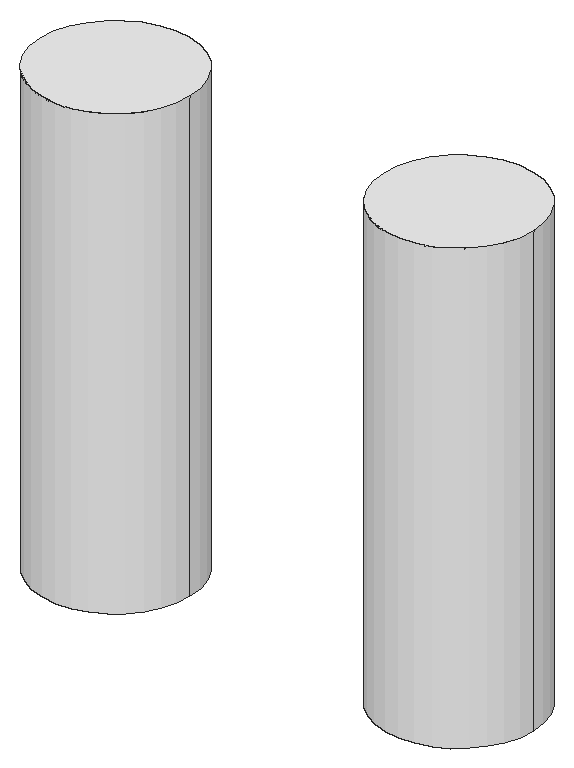
Revit family "56362203", category Plumbing Fixtures, Revit 2020
Family settings
  Round Connector Dimension = Use Diameter
  Part Type = Normal
  OmniClass Number = 23.45.55.00
  OmniClass Title = Sanitary Faucets, Wastes
  Work Plane-Based = No
  Always vertical = Yes
  Cut with Voids When Loaded = No
  Shared = No
  Room Calculation Point = No
Parameters (values of type "56362203 Washbasin faucet")
  Working Pressure = "50 - 1000 kPa"
  WarrantyStartDate [instance] = "n/a"
  WarrantyGuarantorParts = "n/a"
  WarrantyGuarantorLabor = "n/a"
  WarrantyDurationUnit = "Year"
  WarrantyDurationParts = "n/a"
  WarrantyDurationLabor = "n/a"
  WarrantyDescription = "http://warranty.hansa.com"
  Warranty Information URL = "http://warranty.hansa.com"
  VersionDate = "01/06/2023"
  Version = "1"
  ValvePattern = "n/a"
  ValveOperation = "n/a"
  ValveMechanism = "n/a"
  Uniclass2015Reference = "Pr_40_20_87_96"
  Uniclass2015Description = "Washbasin manual water supply sets"
  Uniclass2 = "Pr_40_30_96_96"
  URL REACH = "http://static.hansa.com/doc/reach"
  URL Materials Declaration = "http://www.hansa.com/fileadmin/resources/185612_56362203_materialsdeclaration.pdf"
  URL EcoLabel Declaration = "http://static.hansa.com/doc/EcoLabel"
  URL EU Packaging Declaration = "http://static.hansa.com/doc/packaging"
  URL Declaration of SCIP = "http://static.hansa.com/doc/SCIP"
  URL Declaration of Conformity = "http://static.hansa.com/DoC/56362203"
  URL Declaration of Asbestos = "http://static.hansa.com/doc/asbestos"
  URL Declaration Of Performance (DOP) = "http://static.hansa.com/doc/DoP"
  URL DVGW = "http://static.hansa.com/DVGW/56362203"
  URL ABP = "http://static.hansa.com/ABP/56362203"
  URL = ""
  UNSPSC Class Number = "30181700 Faucets or taps"
  TestPressure = "n/a"
  Temperature Adjustments = "Limitation option for maximum temperature and flow-rate ;Adjustable hot water stop (included, retrofittable)"
  Temperature = "Temperature limiter;Temperature limiter (retrofittable)"
  Technical DataSheet URL = "http://www.hansa.com/datasheet/56362203/en"
  TagNumber [instance] = "n/a"
  SustainabilityPerformance = "n/a"
  Surface treatment = "Chrome"
  Spout Type = "Fixed spout"
  Spout Projection = "103 mm"
  Spare-Part Information URL = "http://static.hansa.com/sp/56362203"
  Size = "50x135x135 mm"
  Shape = "Sculptured"
  SerialNumber [instance] = "n/a"
  Sales Package dimensions (LxWxH) = "540 x 146 x 59"
  Revision = "n/a"
  ReplacementCost = "n/a"
  ProductInformation = "n/a"
  Product URL = "http://static.hansa.com/56362203"
  Product Image URL = "http://static.hansa.com/image/56362203"
  Product Family = "HANSAPALENO "
  Product Code = "56362203"
  OperatingMechanismMaterial = "n/a"
  NominalWidth = 48.9 mm
  NominalHeight = 136 mm
  NominalDepth = 137.1 mm
  Noise Class = "I (ISO3822)"
  Name_en = "56362203 Washbasin faucet"
  Name = "56362203 Washbasin faucet"
  NBSReference = "45-35-70/371"
  NBSDescription = "Water supply fittings for wash basins and troughs"
  Mounting Holes = "1 hole"
  ModelReference = "56362203"
  ModelNumber = "n/a"
  Model = "56362203 Washbasin faucet"
  Mobile Product Information URL = "http://mpi.hansa.com/56362203"
  Mechanical Parts = "ø 35 mm ceramic cartridge for flow and temperature control"
  Max. Hot Water Supply = 70 °C
  Material = "Brass"
  Market = "International;Germany;Austria;Switzerland;France;Italy;Spain"
  ManufacturerURL = "http://www.hansa.com"
  ManufacturerName = "HANSA"
  Manufacturer = "HANSA"
  Lever Handle = "Hot/Cold symbols;Single operating lever/handle"
  Interactive AR View URL = "https://static.hansa.com/AR/56362203"
  InstallationDate [instance] = "n/a"
  Installation and Maintenance Guide URL = "http://static.hansa.com/manual/56362203"
  Installation Type = "Deck mounted"
  InletConnectionSize = 10 mm
  IfcExportType = "FAUCET"  # constant formula
  IfcExportAs = "IfcValveType"  # constant formula
  Group = "Washbasin faucet"
  Grade = "n/a"
  FlowCoefficient = 0
  Flow Rate At 300kPa With Flow Controller = 0.01 L/s
  Flow Drawing URL = "http://static.hansa.com/flowchart/56362203"
  Finish = "Polished"
  Features = "Single-lever"
  FaucetMainMaterial = Brass
  FDV Document URL = "http://www.hansa.com/datasheet/56362203/en/fdv"
  ExpectedLife = "n/a"
  Excluded Items = "Without pop-up waste"
  ETIM Class Number = "EC011328 Washbasin mixing tap"
  EN Standard = "EN 817"
  EAN Number = "4057304012006"
  DurationUnit = "Year"
  Dimension Drawing URL = "http://static.hansa.com/dimdrw/56362203"
  Description = ""
  DefaultElevation [instance] = 900 mm
  Default Elevation = 0 mm
  Constituents = "n/a"
  Connection Size = "G3/8"
  Connection = "Flexible inlet pipes"
  Color = "Chrome"
  CodePerformance = "n/a"
  CloseOffRating = 0
  Category = "Washbasin"
  Catalog Drawing URL = "http://static.hansa.com/catdrw/56362203"
  Brand = "HANSA"
  BodyMaterial = "Brass"
  Barcode [instance] = "n/a"
  Backflow Prevention EN1717 = "AA"
  BIMObjectName = "56362203"
  Author = "BIMStone"
  AssetType = "Fixed"
  AssetIdentifier [instance] = "n/a"
  Approval DVGW = "DW-6506CS0548"
  Approval ABP = "P-IX 29502/IA"
  Aerator = "PCA® - constant flow rate regardless of pressure variations"
  Advanced Features = "Inner body made of DZR brass;3S-installation system for safe and simple mounting"
  AccessibilityPerformance = "n/a"
  3D View = "https://static.hansa.com/AR/56362203"
  2D/3D/BIM Files URL = "http://static.hansa.com/bim/56362203"
Reference planes
  plane 1 "Center (Front/Back)": y = 0
  plane 2: z = 0
  plane 3 "Center (Left/Right)": x = 0
  plane 4: x = -24.45
  plane 5: z = 900
  plane 6: z = 870
  plane 7: y = -137.1
  plane 8: x = 24.45
  plane 9: z = 1036
Forms (mm)
  Extrusion 1, solid, material "Brass" <- "FaucetMainMaterial"
    sketch origin (-44.989, 12.403, 0) x (1, 0, 0) y (0, 1, 0)
      loop
        circle (33.489, -36) r 5
      loop
        circle (56.489, -36) r 5
    from 870 to 900
Dimensions and locks
  "DefaultElevation": plane 5 to level
  locked: plane 5 to plane 6 at 30
  "NominalDepth": plane 7 to plane 1 "Center (Front/Back)"
  "NominalHeight": plane 9 to plane 5
  equal spacing: plane 4, plane 3 "Center (Left/Right)", plane 8
  "NominalWidth": plane 4 to plane 8
  "InletConnectionSize": diameter of Extrusion 1 sketch curve  (x2)
  aligned and locked: level to plane 2
  aligned and locked: plane 5 to Extrusion 1
  aligned and locked: Extrusion 1 to plane 6
  aligned and locked: nested 2 to plane 5
Automatic sketch dimensions
  Extrusion 1 sketch curve to plane 3 "Center (Left/Right)" = 11.5 mm
  plane 3 "Center (Left/Right)" to Extrusion 1 sketch curve = 11.5 mm
  plane 1 "Center (Front/Back)" to Extrusion 1 sketch curve = 23.597 mm  (x2)
Nested families
  nested 1: "Symbol" at (0, 0, 0), type "Symbol", detail levels coarse
  nested 2: "56362203_p" at (0, 0, 900), Main <- "FaucetMainMaterial", type "56362203_p"
    with Main Brass
Connectors
  piping at (-11.5, -23.597, 870), diameter 10, driven by "InletConnectionSize"
    settings: on Extrusion 1, index 1, connector inside diameter 609.6 mm, connector length 0 mm, flow factor 0, pipe flow 0.1 L/s, pressure drop 0.0 Pa, fitting loss kfactor 0, connector angle 0.00°, fixture units 0, engagement length 0 mm, angle of deflection 0.00°, flow configuration 1, flow direction 1, fitting loss method 0, system type 19, joint type 0, gender type 0, connector reference index -1, connector utility 0, adjustable connector no, is connector primary yes, connector description ""
  piping at (11.5, -23.597, 870), diameter 10, driven by "InletConnectionSize"
    settings: on Extrusion 1, index 2, connector inside diameter 609.6 mm, connector length 0 mm, flow factor 0, pipe flow 0.1 L/s, pressure drop 0.0 Pa, fitting loss kfactor 0, connector angle 0.00°, fixture units 0, engagement length 0 mm, angle of deflection 0.00°, flow configuration 1, flow direction 1, fitting loss method 0, system type 20, joint type 0, gender type 0, connector reference index -1, connector utility 0, adjustable connector no, is connector primary no, connector description ""
Definition of nested family "Symbol"
  Reference planes
    plane 1: y = 0
    plane 2: x = 0
  Lines and regions (mm)
    detail lines
      curve 1: line (0, 0, 0) -> (0, -1.8, 0)
      curve 2: line (-0.4, -1.1, 0) -> (0.4, -1.1, 0)
      curve 3: line (-0.4, -1.4, 0) -> (0.4, -1.4, 0)
      curve 4: line (0.863, 0, 0) -> (-0.863, 0, 0)
      curve 5: circle (-1.163, 0, 0) r 0.3 normal (0, 0, -1)
      curve 6: circle (1.163, 0, 0) r 0.3 normal (0, 0, 1)
Definition of nested family "56362203_p"
  Parameters (values of type "56362203_p")
    Main [instance] = none
    Default Elevation = 0 mm
  Reference planes
    plane 1 "Center (Front/Back)": y = 0
    plane 2: z = 0
    plane 3 "Center (Left/Right)": x = 0
    plane 4: x = -24.617
    plane 5: x = 24.617
    plane 6: y = -137.145
    plane 7: z = 135.82
  Forms (mm)
    Revolve 1, solid, material <- "Main", detail levels medium
      sketch origin (0, 0, 0) x (0, 1, 0) y (0, 0, 1)
        loop
          line (2.047, -23.402) -> (-13.649, 156.008) -> (-37.067, 153.96) -> (-21.371, -25.451) -> (2.047, -23.402)
        axis (-37.067, 153.96) -> (-21.371, -25.451)
      angle from 0 to 360
    Extrusion 2, void
      sketch origin (0, 0, 0) x (0, 1, 0) y (0, 0, 1)
        loop
          line (-84.903, 135.82) -> (-11.321, 135.82) -> (-11.321, 165.82) -> (-84.903, 165.82) -> (-84.903, 135.82)
        loop
          line (-67.585, 0) -> (-67.585, -35) -> (4.507, -35) -> (4.507, 0) -> (-67.585, 0)
      from -49.356 to 92.918
    Extrusion 3, solid, material <- "Main", detail levels medium
      sketch origin (0, 0, 0) x (1, 0, 0) y (0, 1, 0)
        loop
          line (-7.521, -76.581) -> (-6.93, -121.044)
          arc (-6.93, -121.044) -> (-6.646, -121.856) -> (-5.931, -122.333) r 1.354
          arc (-5.931, -122.333) -> (-2.992, -122.919) -> (0, -123.101) r 22.031
          arc (0, -123.101) -> (2.992, -122.919) -> (5.931, -122.333) r 22.031
          arc (5.931, -122.333) -> (6.646, -121.856) -> (6.93, -121.044) r 1.354
          line (6.93, -121.044) -> (7.521, -76.581)
          arc (7.521, -76.581) -> (8.321, -70.237) -> (10.649, -64.282) r 25.931
          arc (10.649, -64.282) -> (13.331, -59.854) -> (16.426, -55.705) r 53.655
          arc (16.426, -55.705) -> (18.861, -52.519) -> (21.056, -49.162) r 54.532
          arc (21.056, -49.162) -> (23.173, -41.379) -> (23.403, -33.317) r 34.087
          line (23.403, -33.317) -> (-23.403, -33.317)
          arc (-23.403, -33.317) -> (-23.173, -41.379) -> (-21.056, -49.162) r 34.087
          arc (-21.056, -49.162) -> (-18.861, -52.519) -> (-16.426, -55.705) r 54.532
          arc (-16.426, -55.705) -> (-13.331, -59.854) -> (-10.649, -64.282) r 53.655
          arc (-10.649, -64.282) -> (-8.321, -70.237) -> (-7.521, -76.581) r 25.931
      from 123.077 to 135.82
    Extrusion 4, solid, material <- "Main", detail levels medium
      sketch origin (0, 0, 0) x (0, 1, 0) y (0, 0, 1)
        loop
          line (-89.259, 93.823) -> (-136.029, 89.512)
          arc (-136.029, 89.512) -> (-137.056, 88.681) -> (-136.685, 87.413) r 1.191
          line (-136.685, 87.413) -> (-131.681, 83.214) -> (-135.734, 77.426) -> (-116.093, 63.673) -> (-113.243, 67.743) -> (-111.732, 66.475) -> (-36.551, 68.212) -> (-39.16, 98.033)
          arc (-39.16, 98.033) -> (-64.218, 96.03) -> (-89.259, 93.823) r 3101.602
      from -20 to 20
    Extrusion 5, solid, material <- "Main", detail levels coarse
      sketch origin (0, 0, 0) x (0, 1, 0) y (0, 0, 1)
        loop
          line (0, 0) -> (0, 135.82) -> (-137.145, 135.82) -> (-137.145, 0) -> (0, 0)
      from -24.617 to 24.617
  Cuts and joins
    joined: Extrusion 3, Extrusion 4
    Extrusion 2 cuts Revolve 1
  Lines and regions (mm)
    symbolic lines, detail levels medium+fine
      curve 1: arc (-10.483, -136.441, 0) -> (0.493, -137.143, 0) -> (11.459, -136.294, 0) r 77.963
      curve 2: line (-16.526, -130.006, 0) -> (-22.573, -45.875, 0)
      curve 3: arc (-10.483, -136.441, 0) -> (-14.647, -134.297, 0) -> (-16.526, -130.006, 0) r 7
      curve 4: arc (-24.617, -33.317, 0) -> (-24.331, -29.576, 0) -> (-23.48, -25.922, 0) r 24.617
      curve 5: arc (-23.48, -25.922, 0) -> (-22.352, -16.636, 0) -> (-17.956, -8.379, 0) r 25.54
      curve 6: arc (-17.956, -8.379, 0) -> (-12.813, -3.703, 0) -> (-6.464, -0.874, 0) r 21.896
      curve 7: arc (-6.464, -0.874, 0) -> (-3.26, -0.234, 0) -> (0, 0, 0) r 26.072
      curve 8: arc (-22.573, -45.875, 0) -> (-24.103, -39.678, 0) -> (-24.617, -33.317, 0) r 39.601
      curve 17: line (16.526, -130.006, 0) -> (22.573, -45.875, 0)
      curve 18: arc (10.483, -136.441, 0) -> (14.647, -134.297, 0) -> (16.526, -130.006, 0) r 7
      curve 19: arc (24.617, -33.317, 0) -> (24.331, -29.576, 0) -> (23.48, -25.922, 0) r 24.617
      curve 20: arc (23.48, -25.922, 0) -> (22.352, -16.636, 0) -> (17.956, -8.379, 0) r 25.54
      curve 21: arc (17.956, -8.379, 0) -> (12.813, -3.703, 0) -> (6.464, -0.874, 0) r 21.896
      curve 22: arc (6.464, -0.874, 0) -> (3.26, -0.234, 0) -> (0, 0, 0) r 26.072
      curve 23: arc (22.573, -45.875, 0) -> (24.103, -39.678, 0) -> (24.617, -33.317, 0) r 39.601
      curve 32: line (0, 0, 0) -> (-23.507, 0, 0)
      curve 33: line (-23.507, 0, 0) -> (-23.507, 0, 98.025)
      curve 34: line (-24.617, 0, 101.423) -> (-24.191, 0, 133.145)
      curve 35: line (0, 0, 135.82) -> (-5.848, 0, 135.82)
      curve 36: arc (-5.848, 0, 135.82) -> (-14.236, 0, 135.589) -> (-22.599, 0, 134.898) r 152.743
      curve 37: arc (-24.191, 0, 133.145) -> (-23.727, 0, 134.323) -> (-22.599, 0, 134.898) r 1.788
      curve 43: line (-22.622, 0, 100.367) -> (-22.757, 0, 98.832)
      curve 44: arc (-23.507, 0, 97.889) -> (-23.297, 0, 98.492) -> (-22.757, 0, 98.832) r 0.967
      curve 48: spline (-24.617, 0, 101.423) -> (-24.603, 0, 101.333) -> (-24.561, 0, 101.244) -> (-24.492, 0, 101.154) -> (-24.395, 0, 101.065) -> (-24.27, 0, 100.977) -> (-24.118, 0, 100.888) -> (-23.938, 0, 100.801) -> (-23.731, 0, 100.714) -> (-23.498, 0, 100.628) -> (-23.238, 0, 100.543) -> (-22.952, 0, 100.459) -> (-22.639, 0, 100.375)
      curve 59: line (0, 0, 0) -> (23.507, 0, 0)
      curve 60: line (23.507, 0, 0) -> (23.507, 0, 98.025)
      curve 61: line (24.617, 0, 101.423) -> (24.191, 0, 133.145)
      curve 62: line (0, 0, 135.82) -> (5.848, 0, 135.82)
      curve 63: arc (5.848, 0, 135.82) -> (14.236, 0, 135.589) -> (22.599, 0, 134.898) r 152.743
      curve 64: arc (24.191, 0, 133.145) -> (23.727, 0, 134.323) -> (22.599, 0, 134.898) r 1.788
      curve 70: line (22.622, 0, 100.367) -> (22.757, 0, 98.832)
      curve 71: arc (23.507, 0, 97.889) -> (23.297, 0, 98.492) -> (22.757, 0, 98.832) r 0.967
      curve 75: spline (24.617, 0, 101.423) -> (24.603, 0, 101.333) -> (24.561, 0, 101.244) -> (24.492, 0, 101.154) -> (24.395, 0, 101.065) -> (24.27, 0, 100.977) -> (24.118, 0, 100.888) -> (23.938, 0, 100.801) -> (23.731, 0, 100.714) -> (23.498, 0, 100.628) -> (23.238, 0, 100.543) -> (22.952, 0, 100.459) -> (22.639, 0, 100.375)
      curve 86: line (0, 0, 0) -> (0, -47.195, 0)
      curve 87: line (0, -8.796, 100.544) -> (0, -9.596, 100.479)
      curve 90: line (0, 0, 0) -> (0, -1.548, 17.697)
      curve 91: line (0, -47.195, 0) -> (0, -50.89, 42.234)
      curve 92: line (0, -78.815, 67.236) -> (0, -111.732, 66.475)
      curve 93: arc (0, -50.89, 42.234) -> (0, -59.908, 60.258) -> (0, -78.815, 67.236) r 27.397
      curve 94: arc (0, -55.658, 96.737) -> (0, -72.462, 95.326) -> (0, -89.259, 93.823) r 3101.602
      curve 95: arc (0, -9.596, 100.479) -> (0, -11.065, 106.263) -> (0, -14.026, 111.444) r 22.12
      curve 96: line (0, -54.889, 99.207) -> (0, -54.889, 96.8)
      curve 97: line (0, -56.631, 99.066) -> (0, -59.137, 116.246)
      curve 98: line (0, -9.85, 113.821) -> (0, -13.212, 133.304)
      curve 99: line (0, -67.187, 123.208) -> (0, -121.021, 123.208)
      curve 100: arc (0, -59.137, 116.246) -> (0, -61.866, 121.226) -> (0, -67.187, 123.208) r 8.136
      curve 101: arc (0, -122.469, 134.918) -> (0, -123.109, 129.669) -> (0, -122.532, 124.413) r 22.989
      curve 102: arc (0, -121.021, 123.208) -> (0, -121.988, 123.546) -> (0, -122.532, 124.413) r 1.55
      curve 103: line (0, -121.096, 136) -> (0, -76.114, 136)
      curve 104: arc (0, -122.469, 134.918) -> (0, -121.97, 135.697) -> (0, -121.096, 136) r 1.413
      curve 105: arc (0, -76.114, 136) -> (0, -62.213, 135.816) -> (0, -48.321, 135.262) r 523.836
      curve 106: line (0, -15.076, 134.874) -> (0, -33.248, 134.874)
      curve 107: arc (0, -48.321, 135.262) -> (0, -40.787, 134.965) -> (0, -33.248, 134.874) r 275.77
      curve 108: arc (0, -13.212, 133.304) -> (0, -13.858, 134.429) -> (0, -15.076, 134.874) r 1.891
      curve 110: line (0, -3.293, 37.639) -> (0, -8.796, 100.544)
      curve 111: line (0, -54.889, 99.207) -> (0, -56.631, 99.066)
      curve 112: line (0, -54.889, 96.8) -> (0, -55.658, 96.737)
      curve 113: line (0, -14.026, 111.444) -> (0, -9.85, 113.821)
      curve 115: line (0, -111.732, 66.475) -> (0, -113.243, 67.743)
      curve 116: line (0, -89.259, 93.823) -> (0, -136.029, 89.512)
      curve 117: arc (0, -136.029, 89.512) -> (0, -137.056, 88.681) -> (0, -136.685, 87.413) r 1.191
      curve 118: line (0, -135.734, 77.426) -> (0, -116.093, 63.673)
      curve 119: line (0, -131.681, 83.214) -> (0, -135.734, 77.426)
      curve 120: line (0, -113.243, 67.743) -> (0, -116.093, 63.673)
      curve 121: line (0, -131.681, 83.214) -> (0, -136.685, 87.413)
      curve 131: line (0, -0.184, 19.262) -> (0, -1.664, 36.175)
      curve 132: line (0, -2.395, 37.22) -> (0, -3.293, 37.639)
      curve 133: arc (0, -1.664, 36.175) -> (0, -1.889, 36.796) -> (0, -2.395, 37.22) r 1.275
      curve 134: line (0, -0.637, 18.311) -> (0, -1.548, 17.697)
      curve 135: arc (0, -0.184, 19.262) -> (0, -0.281, 18.725) -> (0, -0.637, 18.311) r 1.038
    symbolic lines, detail levels fine
      curve 9: arc (-21.056, -49.162, 0) -> (-21.905, -47.56, 0) -> (-22.573, -45.875, 0) r 16.527
      curve 10: arc (-16.426, -55.705, 0) -> (-18.861, -52.519, 0) -> (-21.056, -49.162, 0) r 54.532
      curve 11: arc (-10.649, -64.282, 0) -> (-13.331, -59.854, 0) -> (-16.426, -55.705, 0) r 53.655
      curve 12: arc (-7.521, -76.581, 0) -> (-8.321, -70.237, 0) -> (-10.649, -64.282, 0) r 25.931
      curve 13: line (-7.521, -76.581, 0) -> (-6.93, -121.044, 0)
      curve 14: arc (-5.931, -122.333, 0) -> (-2.992, -122.919, 0) -> (0, -123.101, 0) r 22.031
      curve 15: arc (-6.93, -121.044, 0) -> (-6.646, -121.856, 0) -> (-5.931, -122.333, 0) r 1.354
      curve 16: arc (-23.48, -25.922, 0) -> (-14.56, -13.467, 0) -> (0, -8.7, 0) r 24.617
      curve 24: arc (21.056, -49.162, 0) -> (21.905, -47.56, 0) -> (22.573, -45.875, 0) r 16.527
      curve 25: arc (16.426, -55.705, 0) -> (18.861, -52.519, 0) -> (21.056, -49.162, 0) r 54.532
      curve 26: arc (10.649, -64.282, 0) -> (13.331, -59.854, 0) -> (16.426, -55.705, 0) r 53.655
      curve 27: arc (7.521, -76.581, 0) -> (8.321, -70.237, 0) -> (10.649, -64.282, 0) r 25.931
      curve 28: line (7.521, -76.581, 0) -> (6.93, -121.044, 0)
      curve 29: arc (5.931, -122.333, 0) -> (2.992, -122.919, 0) -> (0, -123.101, 0) r 22.031
      curve 30: arc (6.93, -121.044, 0) -> (6.646, -121.856, 0) -> (5.931, -122.333, 0) r 1.354
      curve 31: arc (23.48, -25.922, 0) -> (14.56, -13.467, 0) -> (0, -8.7, 0) r 24.617
      curve 38: arc (-6.756, 0, 134.058) -> (-6.963, 0, 129.627) -> (-6.756, 0, 125.196) r 47.666
      curve 39: arc (-5.128, 0, 135.675) -> (-6.235, 0, 135.162) -> (-6.756, 0, 134.058) r 1.79
      curve 40: arc (-2.068, 0, 135.82) -> (-3.599, 0, 135.777) -> (-5.128, 0, 135.675) r 39.282
      curve 41: arc (-6.756, 0, 125.196) -> (-6.258, 0, 124.11) -> (-5.191, 0, 123.571) r 1.809
      curve 42: arc (-5.191, 0, 123.571) -> (-2.601, 0, 123.329) -> (0, 0, 123.281) r 34.732
      curve 45: spline (-22.757, 0, 98.832) -> (-22.562, 0, 98.576) -> (-21.981, 0, 98.323) -> (-21.024, 0, 98.079) -> (-19.707, 0, 97.849) -> (-18.053, 0, 97.635) -> (-16.091, 0, 97.441) -> (-13.852, 0, 97.272) -> (-11.377, 0, 97.129) -> (-8.708, 0, 97.015) -> (-5.889, 0, 96.932) -> (-2.97, 0, 96.882) -> (0, 0, 96.865)
      curve 46: line (-23.507, 0, 87.376) -> (-16.905, 0, 74.958)
      curve 47: arc (-16.905, 0, 74.958) -> (-14.342, 0, 71.239) -> (-11, 0, 68.199) r 19.74
      curve 49: arc (-13.632, 0, 86.46) -> (-6.829, 0, 87.082) -> (0, 0, 87.29) r 112.335
      curve 50: line (-23.507, 0, 98.025) -> (-17.405, 0, 88.261)
      curve 51: arc (-17.405, 0, 88.261) -> (-15.781, 0, 86.811) -> (-13.632, 0, 86.46) r 3.893
      curve 52: spline (0, 0, 64.492) -> (-2.773, 0, 64.701) -> (-5.358, 0, 65.313) -> (-7.577, 0, 66.285) -> (-9.28, 0, 67.553) -> (-10.351, 0, 69.029) -> (-10.716, 0, 70.613) -> (-10.351, 0, 72.198) -> (-9.28, 0, 73.674) -> (-7.577, 0, 74.941) -> (-5.358, 0, 75.914) -> (-2.773, 0, 76.526) -> (0, 0, 76.734)
      curve 53: line (-11, 0, 76.576) -> (-11, 0, 68.199)
      curve 54: arc (-11, 0, 76.576) -> (-11.983, 0, 73.761) -> (-11, 0, 70.946) r 4.519
      curve 55: arc (-11.983, 0, 73.761) -> (-11.352, 0, 77.899) -> (-8.48, 0, 80.944) r 7.028
      curve 56: arc (-8.48, 0, 80.944) -> (-4.383, 0, 82.589) -> (0, 0, 83.121) r 16.963
      curve 57: arc (-11, 0, 68.199) -> (-5.857, 0, 65.287) -> (0, 0, 64.492) r 15.628
      curve 58: spline (-22.639, 0, 100.375) -> (-21.593, 0, 100.142) -> (-20.343, 0, 99.921) -> (-18.901, 0, 99.714) -> (-17.28, 0, 99.523) -> (-15.496, 0, 99.35) -> (-13.565, 0, 99.197) -> (-11.506, 0, 99.065) -> (-9.338, 0, 98.955) -> (-7.082, 0, 98.868) -> (-4.759, 0, 98.806) -> (-2.391, 0, 98.768) -> (0, 0, 98.756)
      curve 65: arc (6.756, 0, 134.058) -> (6.963, 0, 129.627) -> (6.756, 0, 125.196) r 47.666
      curve 66: arc (5.128, 0, 135.675) -> (6.235, 0, 135.162) -> (6.756, 0, 134.058) r 1.79
      curve 67: arc (2.068, 0, 135.82) -> (3.599, 0, 135.777) -> (5.128, 0, 135.675) r 39.282
      curve 68: arc (6.756, 0, 125.196) -> (6.258, 0, 124.11) -> (5.191, 0, 123.571) r 1.809
      curve 69: arc (5.191, 0, 123.571) -> (2.601, 0, 123.329) -> (0, 0, 123.281) r 34.732
      curve 72: spline (22.757, 0, 98.832) -> (22.562, 0, 98.576) -> (21.981, 0, 98.323) -> (21.024, 0, 98.079) -> (19.707, 0, 97.849) -> (18.053, 0, 97.635) -> (16.091, 0, 97.441) -> (13.852, 0, 97.272) -> (11.377, 0, 97.129) -> (8.708, 0, 97.015) -> (5.889, 0, 96.932) -> (2.97, 0, 96.882) -> (0, 0, 96.865)
      curve 73: line (23.507, 0, 87.376) -> (16.905, 0, 74.958)
      curve 74: arc (16.905, 0, 74.958) -> (14.342, 0, 71.239) -> (11, 0, 68.199) r 19.74
      curve 76: arc (13.632, 0, 86.46) -> (6.829, 0, 87.082) -> (0, 0, 87.29) r 112.335
      curve 77: line (23.507, 0, 98.025) -> (17.405, 0, 88.261)
      curve 78: arc (17.405, 0, 88.261) -> (15.781, 0, 86.811) -> (13.632, 0, 86.46) r 3.893
      curve 79: spline (0, 0, 64.492) -> (2.773, 0, 64.701) -> (5.358, 0, 65.313) -> (7.577, 0, 66.285) -> (9.28, 0, 67.553) -> (10.351, 0, 69.029) -> (10.716, 0, 70.613) -> (10.351, 0, 72.198) -> (9.28, 0, 73.674) -> (7.577, 0, 74.941) -> (5.358, 0, 75.914) -> (2.773, 0, 76.526) -> (0, 0, 76.734)
      curve 80: line (11, 0, 76.576) -> (11, 0, 68.199)
      curve 81: arc (11, 0, 76.576) -> (11.983, 0, 73.761) -> (11, 0, 70.946) r 4.519
      curve 82: arc (11.983, 0, 73.761) -> (11.352, 0, 77.899) -> (8.48, 0, 80.944) r 7.028
      curve 83: arc (8.48, 0, 80.944) -> (4.383, 0, 82.589) -> (0, 0, 83.121) r 16.963
      curve 84: arc (11, 0, 68.199) -> (5.857, 0, 65.287) -> (0, 0, 64.492) r 15.628
      curve 85: spline (22.639, 0, 100.375) -> (21.593, 0, 100.142) -> (20.343, 0, 99.921) -> (18.901, 0, 99.714) -> (17.28, 0, 99.523) -> (15.496, 0, 99.35) -> (13.565, 0, 99.197) -> (11.506, 0, 99.065) -> (9.338, 0, 98.955) -> (7.082, 0, 98.868) -> (4.759, 0, 98.806) -> (2.391, 0, 98.768) -> (0, 0, 98.756)
      curve 88: line (0, -32.303, 101.042) -> (0, -14.026, 111.444)
      curve 89: line (0, -32.303, 101.042) -> (0, -54.889, 99.207)
      curve 109: line (0, -1.548, 17.697) -> (0, -3.293, 37.639)
      curve 114: line (0, -9.596, 100.479) -> (0, -54.889, 96.8)
      curve 122: line (0, -113.243, 67.743) -> (0, -131.681, 83.214)
      curve 123: arc (-3.475, -3.353, 0) -> (0, -3.288, 0) -> (3.474, -3.354, 0) r 93.038
      curve 124: line (-3.963, -2.573, 0) -> (-3.351, -1.422, 0)
      curve 125: arc (-3.351, -1.422, 0) -> (-2.534, -0.745, 0) -> (-1.567, -0.308, 0) r 3.968
      curve 126: arc (-3.475, -3.353, 0) -> (-3.944, -3.104, 0) -> (-3.963, -2.573, 0) r 0.531
      curve 127: line (3.963, -2.573, 0) -> (3.351, -1.422, 0)
      curve 128: arc (3.351, -1.422, 0) -> (2.534, -0.745, 0) -> (1.567, -0.308, 0) r 3.968
      curve 129: arc (3.474, -3.353, 0) -> (3.944, -3.104, 0) -> (3.963, -2.573, 0) r 0.531
      curve 130: arc (-1.567, -0.308, 0) -> (0, -0.131, 0) -> (1.567, -0.308, 0) r 7.055
  Dimensions and locks
    aligned and locked: level to plane 2
